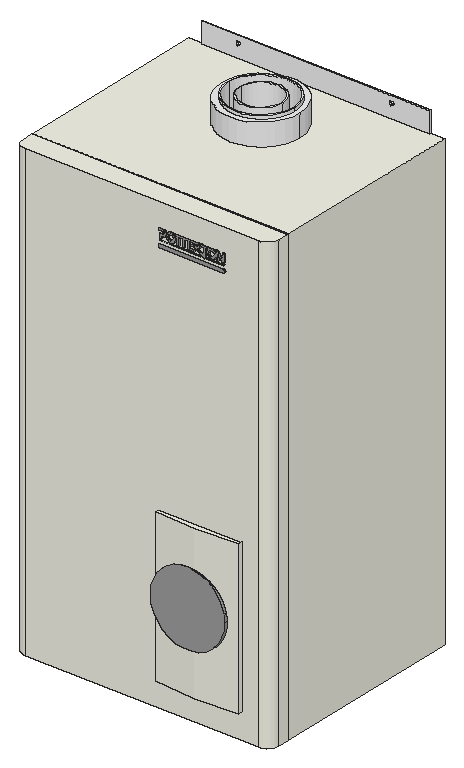
Revit family "Paramount Three 40 ", category Mechanical Equipment, Revit 2012
Parameters
  Weight (Full) (kg) = 56.6
  URL = "http://www.pottertoncommercial.co.uk/products_details.php?product=paramount_three"
  Seasonal Boiler Efficiency (%) = 95
  Power Consumption (W) = 70
  Model = "Paramount Three 40"
  Maximum Output @ 80/60°C (kW) = 36.8
  Manufacturer = "Potterton Commercial"
  Duct Connector Radius [instance] = if([80mm Flue], 40 mm, if([125mm Flue], 62.5 mm, 0 mm))  # 0 mm
  Description = "Wall Hung Condensing Boiler"
  80mm Flue [instance] = no
  125mm Flue [instance] = no
Reference planes
  plane 1 "Center (Front/Back)": y = 0
  plane 2: z = 0
  plane 3 "Center (Left/Right)": x = 0
  plane 4: y = 0
  plane 5: x = -240
  plane 6: x = -214
  plane 7: x = 240
  plane 8: x = 214
  plane 9: x = -144
  plane 10: z = 890
  plane 11: z = 877
  plane 12: x = 144
  plane 13: y = 0
  plane 14: y = -130
  plane 15: y = -130
  plane 16: y = -130
  plane 17: y = -438
  plane 18: x = 145.9
  plane 19: x = 173.4
  plane 20: y = -83.5
  plane 21: y = 0
  plane 22: y = -105
  plane 23: x = 240
  plane 24: x = 186
  plane 25: y = -407
  plane 26: y = -277
  plane 27: x = 240
  plane 28: x = -240
  plane 29: x = -77
  plane 30: y = -306
  plane 31: x = -91.5
  plane 32: x = 240
  plane 33: x = 185
  plane 34: y = -130
  plane 35: y = -407
  plane 36: y = -360
  plane 37: y = -21
  plane 38: y = -41
  plane 39: y = -170
Forms (mm)
  Extrusion 1, solid, material "Potterton Paramount Three - Body"
    sketch origin (0, 0, 0) x (-1, 0, 0) y (0, -1, 0)
      loop
        line (-240, 0) -> (240, 0) -> (240, 388)
        arc (240, 388) -> (233.849, 402.849) -> (219, 409) r 21
        line (219, 409) -> (-219, 409)
        arc (-219, 409) -> (-233.849, 402.849) -> (-240, 388) r 21
        line (-240, 388) -> (-240, 0)
    from 0 to 851
  Extrusion 2, solid, material "Potterton Paramount Three - Steel"
    sketch origin (0, 0, 0) x (-1, 0, 0) y (0, 0, 1)
      loop
        line (214, 851) -> (214, 890) -> (-214, 890) -> (-214, 851) -> (214, 851)
      loop
        circle (144, 877) r 4.5
      loop
        circle (-144, 877) r 4.5
    from 0 to -2.5
  Extrusion 3, solid, material "Potterton Paramount Three - Steel"
    sketch origin (0, 0, 0) x (-1, 0, 0) y (0, -1, 0)
      loop
        circle (0, 130) r 73.5
      loop
        circle (0, 130) r 62.5
    from 851 to 892
  Extrusion 4, solid, material "Potterton Paramount Three - Steel"
    sketch origin (0, 0, 0) x (-1, 0, 0) y (0, -1, 0)
      loop
        circle (0, 130) r 62.5
      loop
        circle (0, 130) r 60.5
    from 851 to 897
  Extrusion 5, solid, material "Potterton Paramount Three - Steel"
    sketch origin (0, 0, 0) x (-1, 0, 0) y (0, -1, 0)
      loop
        circle (0, 130) r 40
      loop
        circle (0, 130) r 38
    from 851 to 897
  Extrusion 6, solid, material "Potterton Paramount Three - Copper Piping"
    sketch origin (0, 0, 0) x (1, 0, 0) y (0, 1, 0)
      loop
        circle (-130, -50) r 16.625
      loop
        circle (0, -50) r 13.22
      loop
        circle (130, -50) r 16.625
      loop
        circle (-73.5, -100) r 16.5
      loop
        circle (60, -100) r 16.625
      loop
        circle (-192, -50) r 26.5
      loop
        circle (-177, -116) r 12
      loop
        circle (185, -130) r 16.625
    from 10 to 50
  Extrusion 7, solid, material "Potterton Paramount Three - Steel"
    sketch origin (0, 0, 0) x (1, 0, 0) y (0, 1, 0)
      loop
        circle (-85.5, -237) r 9.25
      loop
        circle (-55.5, -237) r 4.85
      loop
        circle (-25.5, -237) r 10.75
      loop
        circle (4.5, -237) r 10.5
      loop
        circle (34.5, -237) r 10.5
      loop
        circle (-100, -266) r 9.25
      loop
        circle (-70, -266) r 9.25
      loop
        circle (-40, -266) r 10.85
      loop
        circle (-10, -266) r 9.85
      loop
        circle (20, -266) r 14
      loop
        circle (50, -266) r 14
    from 30 to 50
  Extrusion 8, void
    sketch origin (0, 0, 0) x (1, 0, 0) y (0, 1, 0)
      loop
        line (-194, -362) -> (194, -362) -> (194, -349) -> (206, -328.215) -> (206, -146.163)
        arc (206, -146.163) -> (211.5, -130) -> (206, -113.837) r 26.5
        line (206, -113.837) -> (206, -42.785) -> (194, -21) -> (194, -9) -> (-194, -9) -> (-194, -21) -> (-206, -42.785) -> (-206, -115.837)
        arc (-206, -115.837) -> (-211.5, -132) -> (-206, -148.163) r 26.5
        line (-206, -148.163) -> (-206, -328.215) -> (-194, -349) -> (-194, -362)
    from 0 to 50
  Sweep 9, void
    path in 3D
      loop
        line (240, 0, 0) -> (240, 0, 851) -> (-240, 0, 851) -> (-240, 0, 0)
    profile origin (-240, 0, 425.5) x (-1, 0, 0) y (0, -1, 0)
      loop
        line (0, 368.5) -> (-1.5, 367) -> (0, 365.5) -> (0, 368.5)
  Extrusion 10, solid, material "Potterton Paramount Three - Copper Piping"
    sketch origin (0, 0, 10) x (0, 1, 0) y (1, 0, 0)
      loop
        circle (-50, -192) r 12.5
    from 0 to 5
  Extrusion 11, solid, material "Potterton Paramount Three - Body"
    sketch origin (6.896, 0, 297.5) x (0, 1, 0) y (1, 0, 0)
      loop
        line (-409, 179.704) -> (-416, 179.704)
        arc (-416, 179.704) -> (-421.032, 101.704) -> (-416, 23.704) r 607
        line (-416, 23.704) -> (-409, 23.704) -> (-409, 179.704)
    from -35 to 250
  Extrusion 12, solid, material "Potterton Paramount Three - Cover"
    sketch origin (-0.4, -415, 0) x (1, 0, 0) y (0, 0, 1)
      loop
        circle (96, 195) r 70
    from 0 to 6.6
  Extrusion 13, solid, material "Potterton Paramount Three - Logo"
    sketch origin (-275.872, -409, 698.63) x (1, 0, 0) y (0, 0, 1)
      loop
        arc (316.284, 105.758) -> (319.074, 102.967) -> (316.284, 100.177) r 2.79
        line (316.284, 100.177) -> (309.343, 100.177) -> (309.343, 92.064) -> (312.758, 92.064) -> (312.758, 96.721) -> (316.284, 96.721)
        arc (316.284, 96.721) -> (319.818, 97.833) -> (322.081, 100.766) r 6.176
        arc (322.081, 100.766) -> (333.414, 92.147) -> (337.595, 105.758) r 8.681
        line (337.595, 105.758) -> (342.208, 105.758) -> (342.208, 92.064) -> (345.744, 92.064) -> (345.744, 105.758) -> (352.462, 105.758) -> (352.462, 92.064) -> (355.968, 92.064) -> (355.968, 105.758) -> (362.45, 105.758) -> (362.45, 92.064) -> (374.405, 92.064) -> (374.405, 95.397) -> (365.957, 95.397) -> (365.957, 99.003) -> (372.866, 99.003)
        arc (372.866, 99.003) -> (374.502, 100.639) -> (372.866, 102.274) r 1.635
        line (372.866, 102.274) -> (365.957, 102.274) -> (365.957, 105.758) -> (381.502, 105.758)
        arc (381.502, 105.758) -> (383.244, 104.016) -> (381.502, 102.274) r 1.742
        line (381.502, 102.274) -> (376.945, 102.274)
        arc (376.945, 102.274) -> (375.381, 101.116) -> (376.032, 99.282) r 1.635
        line (376.032, 99.282) -> (392.981, 87.87)
        arc (392.981, 87.87) -> (394.629, 87.8) -> (395.474, 89.217) r 1.611
        line (395.474, 89.217) -> (395.474, 105.758) -> (400.487, 105.758)
        arc (400.487, 105.758) -> (403.579, 92.581) -> (415.781, 98.438) r 8.681
        line (415.781, 98.438) -> (415.781, 92.064) -> (419.317, 92.064) -> (419.317, 102.274) -> (427.82, 92.608)
        arc (427.82, 92.608) -> (429.852, 92.102) -> (431.043, 93.824) r 1.841
        line (431.043, 93.824) -> (431.043, 107.5)
        arc (431.043, 107.5) -> (429.246, 109.297) -> (427.449, 107.5) r 1.797
        line (427.449, 107.5) -> (427.449, 98.467) -> (418.665, 108.738)
        arc (418.665, 108.738) -> (416.852, 109.21) -> (415.781, 107.673) r 1.639
        line (415.781, 107.673) -> (415.781, 102.385)
        arc (415.781, 102.385) -> (412.945, 107.03) -> (407.903, 109.074) r 8.681
        line (407.903, 109.074) -> (388.41, 109.074)
        arc (388.41, 109.074) -> (386.752, 107.416) -> (388.41, 105.758) r 1.658
        line (388.41, 105.758) -> (391.885, 105.758) -> (391.885, 92.494) -> (381.502, 99.55)
        arc (381.502, 99.55) -> (386.264, 104.312) -> (381.502, 109.074) r 4.762
        line (381.502, 109.074) -> (338.151, 109.074)
        arc (338.151, 109.074) -> (336.788, 108.359) -> (336.6, 106.831) r 1.658
        arc (336.6, 106.831) -> (328.47, 108.787) -> (322.46, 102.972) r 8.681
        arc (322.46, 102.972) -> (320.625, 107.291) -> (316.284, 109.074) r 6.176
        line (316.284, 109.074) -> (309.175, 109.074)
        arc (309.175, 109.074) -> (307.516, 107.416) -> (309.175, 105.758) r 1.658
        line (309.175, 105.758) -> (316.284, 105.758)
      loop
        line (398.443, 89.682) -> (398.443, 88.776) -> (430.656, 88.776) -> (430.656, 89.682) -> (398.443, 89.682)
      loop
        line (309.343, 89.682) -> (309.343, 88.776) -> (387.318, 88.776) -> (387.318, 89.682) -> (309.343, 89.682)
      loop
        arc (310.458, 82.011) -> (307.385, 78.937) -> (310.458, 75.864) r 3.074
        line (310.458, 75.864) -> (428.858, 75.864)
        arc (428.858, 75.864) -> (431.932, 78.937) -> (428.858, 82.011) r 3.074
        line (428.858, 82.011) -> (310.458, 82.011)
      loop
        circle (330.755, 100.412) r 5.181
      loop
        circle (316.284, 102.967) r 1.75
      loop
        circle (407.327, 100.412) r 5.181
    from 0 to 1
Cuts and joins
  Extrusion 8, Sweep 9 cuts Extrusion 1
  Sweep 9 cuts Extrusion 6
  Extrusion 8 cuts Extrusion 11
  Sweep 9 cuts Extrusion 7
Lines and regions (mm)
  sketch lines
    curve 1: line (-240, 0, 851) -> (-240, 0, 0)
    curve 2: line (240, 0, 851) -> (-240, 0, 851)
    curve 3: line (240, 0, 851) -> (240, 0, 0)
Dimensions and locks
  aligned and locked: level to plane 2
Connectors
  piping at (0, -130, 892)
    settings: on Extrusion 3, index 1, connector radius 62.5 mm, flow factor 0, pipe flow 0.000 m³/h, pressure drop 0.0 Pa, fitting loss kfactor 0, connector angle 0.00°, fixture units 0, engagement length 0 mm, flow configuration 0, flow direction 0, fitting loss method 0, system type 29, joint type 0, gender type 0, connector reference index -1, connector utility 0, adjustable connector no, is connector primary yes, fitting loss table "", connector description ""
  piping at (185, -130, 10)
    settings: on cut or joined group of Extrusion 1, Extrusion 8, Sweep 9, index 2, connector radius 12.5 mm, flow factor 0, pipe flow 0.000 m³/h, pressure drop 0.0 Pa, fitting loss kfactor 0, connector angle 0.00°, fixture units 0, engagement length 0 mm, flow configuration 0, flow direction 0, fitting loss method 0, system type 29, joint type 0, gender type 0, connector reference index -1, connector utility 0, adjustable connector no, is connector primary no, fitting loss table "", connector description ""
  piping at (130, -50, 10)
    settings: on cut or joined group of Extrusion 1, Extrusion 8, Sweep 9, index 4, connector radius 12.5 mm, flow factor 0, pipe flow 0.000 m³/h, pressure drop 0.0 Pa, fitting loss kfactor 0, connector angle 0.00°, fixture units 0, engagement length 0 mm, flow configuration 0, flow direction 0, fitting loss method 0, system type 29, joint type 0, gender type 0, connector reference index -1, connector utility 0, adjustable connector no, is connector primary no, fitting loss table "", connector description ""
  piping at (0, -50, 10)
    settings: on cut or joined group of Extrusion 1, Extrusion 8, Sweep 9, index 5, connector radius 10 mm, flow factor 0, pipe flow 4.000 m³/h, pressure drop 0.0 Pa, fitting loss kfactor 0, connector angle 0.00°, fixture units 0, engagement length 0 mm, flow configuration 0, flow direction 0, fitting loss method 0, system type 29, joint type 0, gender type 0, connector reference index -1, connector utility 0, adjustable connector no, is connector primary no, fitting loss table "", connector description ""
  piping at (-130, -50, 10)
    settings: on cut or joined group of Extrusion 1, Extrusion 8, Sweep 9, index 7, connector radius 12.5 mm, flow factor 0, pipe flow 0.000 m³/h, pressure drop 0.0 Pa, fitting loss kfactor 0, connector angle 0.00°, fixture units 0, engagement length 0 mm, flow configuration 0, flow direction 0, fitting loss method 0, system type 29, joint type 0, gender type 0, connector reference index -1, connector utility 0, adjustable connector no, is connector primary no, fitting loss table "", connector description ""
  piping at (-192, -50, 5)
    settings: on Extrusion 10, index 9, connector radius 12.5 mm, flow factor 0, pipe flow 0.000 m³/h, pressure drop 0.0 Pa, fitting loss kfactor 0, connector angle 0.00°, fixture units 0, engagement length 0 mm, flow configuration 0, flow direction 0, fitting loss method 0, system type 29, joint type 0, gender type 0, connector reference index -1, connector utility 0, adjustable connector no, is connector primary no, fitting loss table "", connector description ""
